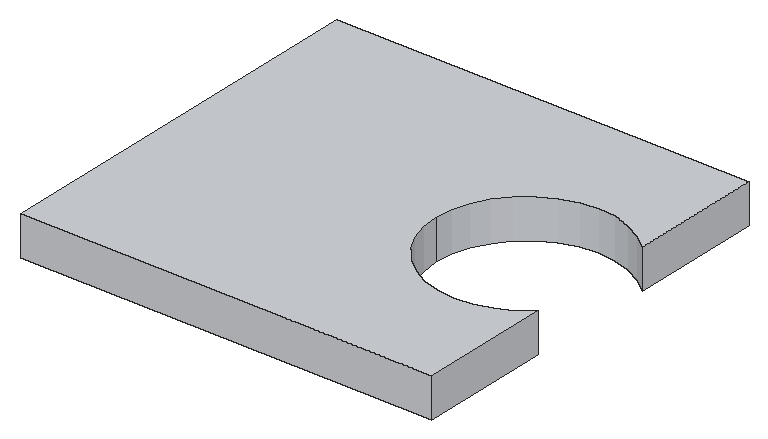
Revit family "CENTUM Unterlegteil AF", category HLS-Bauteile, Revit 2017
Family settings
  Bemaßung runder Anschluss = Durchmesser verwenden
  Teiletyp = Normal
  Arbeitsebenenbasiert = Ja
  Immer vertikal = Nein
  Beim Laden mit Abzugskörper schneiden = Nein
  Gemeinsam genutzt = Ja
  Raumberechnungspunkt = Nein
Parameters (values of type "CENTUM Unterlegteil AF 16 P1, M16")
  vpe = "1 St"
  für Gewinde = "M16"
  Default Elevation = 1219.2 mm
  Typ = "16 P1"
  T = 5 mm
  Stärke = 5 mm
  Regelhalter [instance] = ""
  Oberflaeche = "feuerstückverzinkt"
  Nockenhöhe Spannklaue = "8 mm"
  Mengeneinheit = "St"
  Material = "Stahl"
  Länge = 50 mm
  Langloch = ""
  L1 = 8 mm
  Kurztext2 = "Typ 16 P1 Stärke 5 mm für AF M16"
  Kurztext1 = "Unterlegteil CENTUM Spannklaue AF"
  Gewicht pro Bauteil = Gewicht  # 0.10 kg
  Gewicht = 0.10 kg
  Firma = "MEFA Befestigungs- und Montagesysteme GmbH"
  Fabrikat = "MEFA"
  EAN = "4250928414557"
  D = 23 mm
  Breite = 52 mm
  B2 = 52 mm
  B1 = 50 mm
  Artikelnummer = "0576114"
Types (7, lengths in mm): name | für Gewinde | Typ | T | Stärke | Nockenhöhe Spannklaue | Länge | L1 | Kurztext2 | Gewicht pro Bauteil | Gewicht | EAN | D | Breite | B2 | B1 | Artikelnummer
  (no name) | "M16" | "16 P1" | 5 | 5 | "8 mm" | 50 | 8 | "Typ 16 P1 Stärke 5 mm für AF M16" | 0.10 kg | 0.10 kg | "4250928414557" | 23 | 52 | 52 | 50 | "0576114"
  CENTUM Unterlegteil AF 12 CW, M12 | "M12" | "12 CW" | 2 | 2 | "7 mm" | 40 | 7 | "Typ 12 CW Stärke 2 mm für AF M12" | 0.03 kg | 0.03 kg | "4250928414519" | 19 | 40 | 40 | 40 | "0576012"
  CENTUM Unterlegteil AF 12 P1, M12 | "M12" | "12 P1" | 5 | 5 | "7 mm" | 40 | 7 | "Typ 12 P1 Stärke 5 mm für AF M12" | 0.07 kg | 0.07 kg | "4250928414533" | 19 | 40 | 40 | 40 | "0576082"
  CENTUM Unterlegteil AF 12 P2, M12 | "M12" | "12 P2" | 10 | 10 | "7 mm" | 40 | 7 | "Typ 12 P2 Stärke 10 mm für AF M12" | 0.12 kg | 0.12 kg | "4250928414540" | 19 | 40 | 40 | 40 | "0576112"
  CENTUM Unterlegteil AF 16 CW, M16 | "M16" | "16 CW" | 2 | 2 | "8 mm" | 48 | 8 | "Typ 16 CW Stärke 2 mm für AF M16" | 0.04 kg | 0.04 kg | "4250928414526" | 24 | 50 | 50 | 48 | "0576016"
  CENTUM Unterlegteil AF 16 P1, M16 | "M16" | "16 P1" | 5 | 5 | "8 mm" | 50 | 8 | "Typ 16 P1 Stärke 5 mm für AF M16" | 0.10 kg | 0.10 kg | "4250928414557" | 23 | 52 | 52 | 50 | "0576114"
  CENTUM Unterlegteil AF 16 P2, M16 | "M16" | "16 P2" | 10 | 10 | "8 mm" | 50 | 8 | "Typ 16 P2 Stärke 10 mm für AF M16" | 0.20 kg | 0.20 kg | "4250928414564" | 23 | 52 | 52 | 50 | "0576116"
Reference planes
  plane 1 "Mitte (Vorne/hinten)": y = 0
  plane 2: z = 0
  plane 3 "Mitte (Links/rechts)": x = 0
  plane 4: x = -26
  plane 5: x = 26
  plane 6: y = 25
  plane 7: y = -25
  plane 8: x = 18
  plane 9: z = 5
Forms (mm)
  Extrusion 1, solid
    sketch origin (0, 0, 0) x (1, 0, 0) y (0, 1, 0)
      loop
        line (-26, 25) -> (-26, -25) -> (26, -25) -> (26, 25) -> (-26, 25)
    from 0 to 5
  Extrusion 2, void
    sketch origin (0, 0, 0) x (1, 0, 0) y (0, 1, 0)
      loop
        circle (18, 0) r 11.5
    from 0 to 5
Cuts and joins
  Extrusion 2 cuts Extrusion 1
Lines and regions (mm)
  model lines, not visible
    curve 1: line (18, 0, 15.991) -> (18, 0, -13.063)
    curve 2: line (30.517, 0, 0) -> (0.688, 0, 0)
    curve 3: line (18, 17.703, 0) -> (18, -20.746, 0)
Dimensions and locks
  equal spacing: plane 4, plane 3 "Mitte (Links/rechts)", plane 5
  "B2": plane 4 to plane 5
  equal spacing: plane 6, plane 1 "Mitte (Vorne/hinten)", plane 7
  "B1": plane 6 to plane 7
  "L1": plane 8 to plane 5
  "T": level to plane 9
  "D": diameter of Extrusion 2 sketch curve
  aligned and locked: level to plane 2
  aligned and locked: plane 9 to Extrusion 1
  aligned and locked: curve 2 to level
  aligned and locked: plane 8 to curve 1
  aligned and locked: curve 3 to plane 8
  aligned and locked: plane 9 to cut or joined group of Extrusion 1, Extrusion 2  (x2)
Automatic sketch dimensions
  Extrusion 1 sketch curve to plane 4 = 0 mm
  Extrusion 1 sketch curve to plane 5 = 0 mm
  plane 7 to Extrusion 1 sketch curve = 0 mm
  Extrusion 1 sketch curve to plane 6 = 0 mm
  plane 3 "Mitte (Links/rechts)" to curve 2 = 0.688 mm
  curve 1 to level = 13.063 mm
  curve 2 to plane 5 = 4.517 mm
  plane 9 to curve 1 = 10.991 mm
  curve 3 to plane 7 = 4.254 mm
  curve 3 to plane 6 = 7.297 mm
  plane 1 "Mitte (Vorne/hinten)" to Extrusion 2 sketch curve = 0 mm
  Extrusion 2 sketch curve to plane 8 = 0 mm
